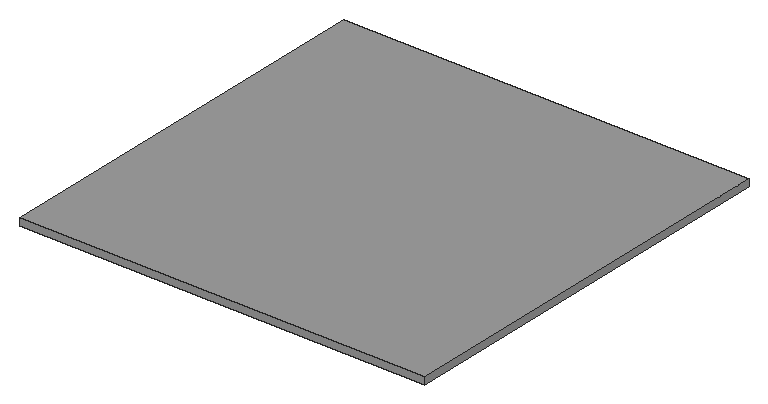
Revit family "WM-MN Suspended Ceiling 70mm Family", category Generic Models, host Ceiling, Revit 2017
Family settings
  Host = Ceiling
  Can host rebar = No
  Round Connector Dimension = Use Diameter
  Part Type = Normal
  Always vertical = Yes
  Cut with Voids When Loaded = No
  Shared = No
  Room Calculation Point = No
Parameters (values of type "Lambdaboard")
  Width = 4000 mm
  URL = "www.rigifoam.com"
  Type Comments = "duncan@rigifoam.com"
  Thermal Resistance = 2.9200 (m²·K)/W
  Thermal Conductivity = 0.0240 W/(m·K)
  Model = "WM/MN Suspended Ceiling 70mm"
  Material = Polyisocyanurate
  Manufacturer = "Lambdaboard"
  Length = 4000 mm
  Description = "Flexible PIR Insulation"
  Depth = 70 mm
  Density = 40.0000 kg/m³
Reference planes
  plane 1 "Center (Front/Back)": y = 0
  plane 2: z = 0
  plane 3 "Center (Left/Right)": x = 0
  plane 4 "Ceiling": z = 4000
Forms (mm)
  Extrusion 1, solid, material "Polyisocyanurate" <- "Material"
    sketch origin (0, 0, 4000) x (0, 1, 0) y (-1, 0, 0)
      loop
        line (2000, 2000) -> (-2000, 2000) -> (-2000, -2000) -> (2000, -2000) -> (2000, 2000)
    from -70 to 0
Dimensions and locks
  equal spacing: host sketch curve, plane 3 "Center (Left/Right)", host sketch curve
  equal spacing: host sketch curve, plane 1 "Center (Front/Back)", host sketch curve
  host sketch curve to host sketch curve = 4000 mm  (x2)
  plane 4 "Ceiling" to host ceiling = 0 mm
  equal spacing: Extrusion 1, plane 3 "Center (Left/Right)", Extrusion 1
  "Length": Extrusion 1 to Extrusion 1
  "Width": Extrusion 1 to Extrusion 1
  "Depth": Extrusion 1 to Extrusion 1
Automatic sketch dimensions
  plane 1 "Center (Front/Back)" to Extrusion 1 sketch curve = 2000 mm
  Extrusion 1 sketch curve to plane 1 "Center (Front/Back)" = 2000 mm
  plane 3 "Center (Left/Right)" to Extrusion 1 sketch curve = 2000 mm
  Extrusion 1 sketch curve to plane 3 "Center (Left/Right)" = 2000 mm
